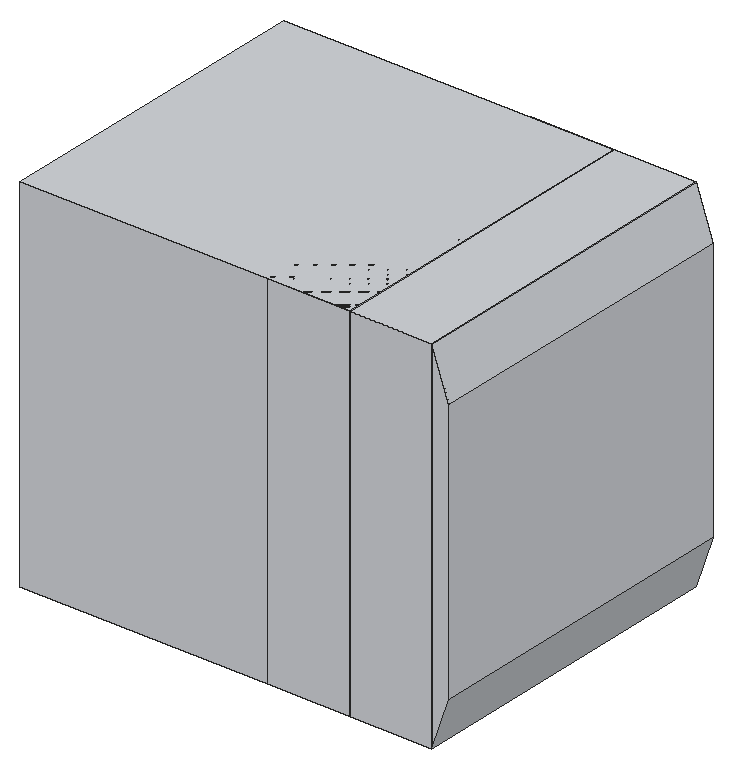
Revit family "M_Torneira angulada retangular - DTL", category Conexões de duto, Revit 2019
Family settings
  Cota do conector redondo = Utilizar diâmetro
  Tipo de parte = Derivação - Ajustável
  Número OmniClass = 23.75.70.14
  Título OmniClass = Air Ductwork
  ID de item do Seek = Rectangular Angled Tap - DTL-0000-CAN-ENU
  Com base no plano de trabalho = Não
  Sempre na vertical = Sim
  Corte com vazios quando carregada = Não
  Compartilhado = Não
Parameters (values of type "Padrão")
  Mudança superior [instance] = -75 mm
  built-in parameter 1114214 [instance] = 500 mm
  built-in parameter 1114213 [instance] = 125 mm
  built-in parameter 1114215 [instance] = if(Saída de largura > 600 mm, Saída de largura * 0.25, 150 mm)  # 0.49213 (stored number, unit not read)
  Entrada de meia largura [instance] = Entrada de largura / 2  # 250 mm
  Saída de meia largura [instance] = Saída de largura / 2  # 250 mm
  Saída de meia profundidade [instance] = Entrada de profundidade / 2  # 200 mm
  Entrada de meia profundidade [instance] = Saída de profundidade / 2  # 275 mm
  Saída de largura [instance] = abs(Entrada de largura) / sin(Ângulo)  # 500 mm
  Entrada de largura [instance] = 500 mm
  Comprimento 1 [instance] = if(Ângulo = 90.00°, [built-in parameter 1114213], abs((Entrada de largura / 2) / tan(Ângulo)))  # 125 mm
  Comprimento [instance] = 25 mm
  Entrada de profundidade [instance] = 400 mm
  Saída de profundidade [instance] = Entrada de profundidade - Mudança superior + Mudança inferior  # 550 mm
  Mudança inferior [instance] = 75 mm
  Ângulo [instance] = 90.00°
  Comprimento 2 [instance] = -(Mudança superior + Mudança inferior) / 2  # 0 mm
  Comprimento 3 [instance] = Entrada de profundidade / 2 + abs(Mudança superior) - Comprimento 2 * 2  # 275 mm
Reference planes
  plane 1 "Centro (Frente/Trás)": y = 0
  plane 2: z = 0
  plane 3 "Centro (Esquerda/Direita)": x = 0
  plane 4: x = -500
  plane 5: x = 125
  plane 6: z = 200
  plane 7: z = -200
  plane 8: z = 0
  plane 9: z = 275
  plane 10: z = -275
Forms (mm)
  Sweep 1, solid, detail levels medium+fine
    path in 3D
      loop
        line (-500, 0, 0) -> (0, 0, 0)
    profile "M_Duto - Retangular : Duto - Retangular 1" origin (-250, 0, 0) x (0, 1, 0) y (0, 0, 1)
      loop
        line (-250, 275) -> (-250, -275) -> (250, -275) -> (250, 275) -> (-250, 275)
  SweptBlend 2, solid, detail levels medium+fine
    path in 3D
      loop
        line (125, 0, 0) -> (150, 0, 0)
    profile "M_Duto - Retangular : Duto - Retangular 1" origin (125, 0, 0) x (0, 1, 0) y (0, 0, 1)
      loop
        line (-250, 275) -> (-250, -275) -> (250, -275) -> (250, 275) -> (-250, 275)
    end profile "M_Duto - Retangular : Duto - Retangular 2" origin (150, 0, 0) x (0, 1, 0) y (0, 0, 1)
      loop
        line (-250, 200) -> (-250, -200) -> (250, -200) -> (250, 200) -> (-250, 200)
  Sweep 3, solid, detail levels medium+fine
    path in 3D
      loop
        line (125, 0, 0) -> (0, 0, 0) -> (-125, 0, 0)
    profile "M_Duto - Retangular : Duto - Retangular 1" origin (-62.5, 0, 0) x (0, -1, 0) y (0, 0, 1)
      loop
        line (-250, 275) -> (-250, -275) -> (250, -275) -> (250, 275) -> (-250, 275)
Lines and regions (mm)
  reference lines
    curve 1: line (-500, 0, 0) -> (0, 0, 0)
    curve 3: line (0, 0, 0) -> (-125, 0, 0)
  sketch lines
    curve 2: line (-500, 0, 0) -> (0, 0, 0)
    curve 6: line (125, 0, 0) -> (150, 0, 0)
    curve 7: line (0, 0, 0) -> (-125, 0, 0)
    curve 8: line (0, 0, 0) -> (125, 0, 0)
  model lines, not visible, detail levels coarse
    curve 4: line (0, 0, 0) -> (125, 0, 0)
    curve 5: line (125, 0, 0) -> (150, 0, 0)
Dimensions and locks
  "built-in parameter 1114214": plane 4 to plane 3 "Centro (Esquerda/Direita)"
  "built-in parameter 1114213": plane 3 "Centro (Esquerda/Direita)" to plane 5
  equal spacing: plane 6, level, plane 7
  "Entrada de profundidade": plane 6 to plane 7
  equal spacing: plane 9, plane 8, plane 10
  "Saída de profundidade": plane 9 to plane 10
  "Comprimento 3": plane 9 to plane 2
  "Comprimento 1": curve 3 to curve 3
  "Comprimento 1": curve 4 to curve 4
  "Comprimento": curve 5 to curve 5
  "Ângulo": angle plane 3 "Centro (Esquerda/Direita)" to curve 3
  locked: curve 4 to curve 5 (angle 180.00°)
  "Ângulo": angle plane 3 "Centro (Esquerda/Direita)" to curve 4
  aligned and locked: plane 1 "Centro (Frente/Trás)" to curve 1
  aligned and locked: plane 3 "Centro (Esquerda/Direita)" to curve 1
  aligned and locked: plane 4 to curve 1
  aligned and locked: plane 1 "Centro (Frente/Trás)" to curve 3
  aligned and locked: plane 3 "Centro (Esquerda/Direita)" to curve 4
Automatic sketch dimensions
  curve 4 to plane 1 "Centro (Frente/Trás)" = 0 mm
Connectors
  hvac at (0, 0, 0), driven by "Saída de profundidade", driven by "Saída de largura"
    settings: on Sweep 1, index 1, duct flow 0.0 L/s, flow factor 0, pres drop 0.0 Pa, loss coef 0, conn angle 0.00°, conn width 500 mm, conn height 550 mm, conn diameter 609.6 mm, duct sys type 28, conn prof type 1, flow config 0, flow direction 0, loss method 0, conn ref index 2, conn util no, is conn primary yes, conn desc ""
  hvac at (150, 0, 0), driven by "Ângulo", driven by "Entrada de profundidade", driven by "Entrada de largura"
    settings: on SweptBlend 2, index 2, duct flow 0.0 L/s, flow factor 0, pres drop 0.0 Pa, loss coef 0, conn angle 90.00°, conn width 500 mm, conn height 400 mm, conn diameter 609.6 mm, duct sys type 28, conn prof type 1, flow config 0, flow direction 0, loss method 0, conn ref index 1, conn util no, is conn primary no, conn desc ""
